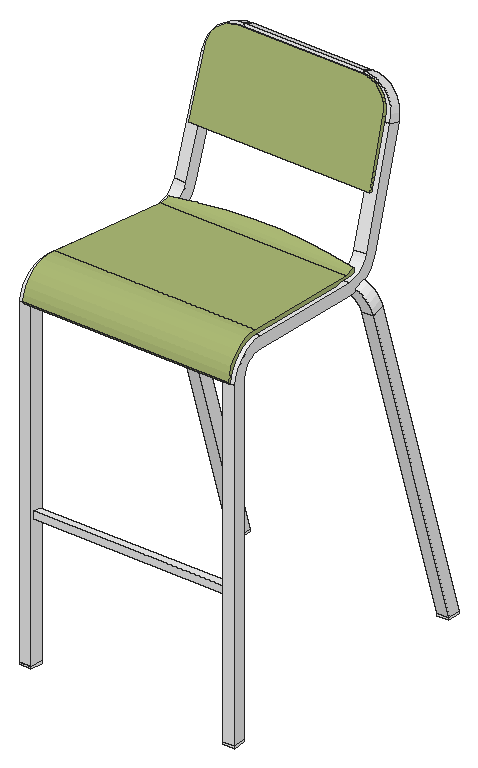
Revit family
Parameters (values of type "1951BAR-30")
  Width = 18 1/2"
  Weight (lbs) = 10
  Warranties = "7 Year Warranty"  # constant formula
  URL = "www.emeco.net"
  Trolly for tow Stacks = "N/A"  # constant formula
  Stackable = "Stacks 6 High"  # constant formula
  Spinneybeck Volo Leather = "N/A"  # constant formula
  Sound Attenuation Pad = ""
  Seat Material = "EMECO-Abs"  # constant formula
  Seat Height = 30"
  Seat & Back Finish Option [instance] = Emeco-Shared-Seat_Back-1951BAR-30 : Green
  Product Name = "1951™ Barstool"  # constant formula
  Outdoor Warranty = "2 Yr Warranty For, White, Gray"  # constant formula
  Model = "1951BAR-30"  # constant formula
  Manufacturer = "Emeco"  # constant formula
  Integrated Felt Glide = "Yes"  # constant formula
  Height = 41 1/4"
  Glides = EMECO-Lexan® Glides
  Frame Material = "EMECO-Recycled Aluminum"  # constant formula
  Frame Finish = EMECO-Hand Brushed
  Fire Retardant Seat Pad = "N/A"  # constant formula
  Fire Retardant = "Gray And Black Certified Acc To Bs And Cal133"  # constant formula
  Depth = 22 1/4"
  Created by = "Contino"  # constant formula
  Collaborator = "Adrian Van Hooydonk And Bmw Designworks"  # constant formula
  Back Material = "EMECO-Abs"  # constant formula
  BIFMA = "Yes"  # constant formula
  Assembly Code = "E2020200"
Reference planes (in)
  plane 1 "Center Front/Back": y = -3.76824
  plane 2: z = 0
  plane 3 "Center Left/Right": x = 0
  plane 4 "Top 1": z = 30
  plane 5 "Left 1": x = -9.25562
  plane 6 "Right 1": x = 9.24438
  plane 7 "Front 1": y = -23.42599
  plane 8 "Top 2": z = 41.25
  plane 9 "Back 1": y = -1.17599
Forms (in)
  Extrusion 1, solid, material "EMECO-Hand Brushed" <- "Frame Finish"
    sketch origin (0, 0.32272, 0) x (0, 1, 0) y (0, 0, -1)
      loop
        line (-8.29194, -26.53849) -> (-0.36119, -0.1875) -> (-1.4055, -0.1875) -> (-9.24951, -26.25029) -> (-8.29194, -26.53849)
    from 8.26205 to 9.25563
  Extrusion 2, solid, material "EMECO-Hand Brushed" <- "Frame Finish"
    sketch origin (0, -0.9469, 0) x (0, 1, 0) y (0, 0, 1)
      loop
        line (-21.53492, 11.81102) -> (-22.12547, 11.81102) -> (-22.12547, 11.22047) -> (-21.53492, 11.22047) -> (-21.53492, 11.81102)
    from -7.96006 to 8.06431
  Extrusion 3, solid, material "EMECO-Hand Brushed" <- "Frame Finish"
    sketch origin (1.41424, -3.05196, 0) x (0.063642, 0.997973, 0) y (0, 0, 1)
      loop
        arc (-7.71666, 27.9919) -> (-5.96486, 28.43669) -> (-4.82148, 29.83644) r 2.88495
        line (-4.82148, 29.83644) -> (-2.11267, 38.49232) -> (-3.06178, 38.78874) -> (-5.7211, 30.29096)
        arc (-5.7211, 30.29096) -> (-6.45964, 29.30809) -> (-7.64704, 28.98946) r 1.88534
        line (-7.64704, 28.98946) -> (-17.85511, 29.70473)
        arc (-17.85511, 29.70473) -> (-19.79957, 29.08031) -> (-20.77639, 27.2868) r 2.74831
        line (-20.77639, 27.2868) -> (-20.77639, 0.1875) -> (-19.77997, 0.1875) -> (-19.77363, 27.32704)
        arc (-19.77363, 27.32704) -> (-19.16422, 28.36007) -> (-18.01816, 28.71371) r 1.66155
        line (-18.01816, 28.71371) -> (-7.71666, 27.9919)
    from -9.12389 to -8.12389
  Extrusion 4, solid, material "EMECO-Hand Brushed" <- "Frame Finish"
    sketch origin (-0.00833, 1.16106, 13.89077) x (1, 0, 0) y (0, -0.288196, 0.957571)
      loop
        arc (6.78346, 16.22956) -> (7.82251, 15.79956) -> (8.25382, 14.76106) r 1.47035
        line (8.25382, 14.76106) -> (9.2527, 14.76106)
        arc (9.2527, 14.76106) -> (8.5264, 16.50437) -> (6.7811, 17.22589) r 2.47161
        line (6.7811, 17.22589) -> (-6.77614, 17.22589)
        arc (-6.77614, 17.22589) -> (-8.52803, 16.49777) -> (-9.24772, 14.7424) r 2.47161
        line (-9.24772, 14.7424) -> (-8.25372, 14.7424)
        arc (-8.25372, 14.7424) -> (-7.82909, 15.79295) -> (-6.78346, 16.22956) r 1.47035
        line (-6.78346, 16.22956) -> (6.78346, 16.22956)
    from 5.09787 to 6.09787
  Extrusion 5, solid, material "EMECO-Hand Brushed" <- "Frame Finish"
    sketch origin (-1.41424, -3.05196, 0) x (-0.063642, 0.997973, 0) y (0, 0, -1)
      loop
        line (-7.71878, -27.96166) -> (-18.02028, -28.68347)
        arc (-18.02028, -28.68347) -> (-19.16106, -28.33398) -> (-19.77351, -27.31005) r 1.66155
        line (-19.77351, -27.31005) -> (-19.77984, -0.1875) -> (-20.77674, -0.1875) -> (-20.77674, -27.27113)
        arc (-20.77674, -27.27113) -> (-19.79604, -29.05475) -> (-17.85723, -29.6745) r 2.74831
        line (-17.85723, -29.6745) -> (-7.64916, -28.95924)
        arc (-7.64916, -28.95924) -> (-6.48502, -29.2624) -> (-5.74118, -30.20782) r 1.88534
        line (-5.74118, -30.20782) -> (-3.05636, -38.78704) -> (-2.10725, -38.49062) -> (-4.83081, -29.78758)
        arc (-4.83081, -29.78758) -> (-5.97541, -28.4011) -> (-7.71878, -27.96166) r 2.88495
    from -9.12936 to -8.13026
  Extrusion 6, solid, material "EMECO-Hand Brushed" <- "Frame Finish"
    sketch origin (-0.00562, 0.32272, 0) x (0, 1, 0) y (0, 0, 1)
      loop
        line (-8.29731, 26.55635) -> (-9.25488, 26.26816) -> (-1.4055, 0.1875) -> (-0.36119, 0.1875) -> (-8.29731, 26.55635)
    from 8.25111 to 9.25
  SweptBlend 7, solid, material "EMECO-Hand Brushed" <- "Frame Finish"
    path origin (0.02455, -15.18102, 4.74525) x (0, -0.298235, -0.954492) y (1, 0, 0)
      loop
        arc (-35.37319, 7.80994) -> (-37.32466, 6.96815) -> (-38.13428, 5.00311) r 2.82
    profile origin (7.83449, -4.6315, 38.50869) x (-0.999782, -0.006227, -0.019931) y (0, -0.954492, 0.298235)
      loop
        line (0.94062, 0.99283) -> (-0.05662, 0.93214) -> (0.00378, -0.06035) -> (1.00102, 0.00035) -> (0.94062, 0.99283)
    end profile origin (5.02766, -3.80805, 41.14413) x (-0.004451, -0.298232, -0.954483) y (0, -0.954492, 0.298235)
      loop
        line (0.05295, 0.00282) -> (1.02884, 0.00243) -> (0.97371, 0.93238) -> (-0.00216, 0.9325) -> (0.05295, 0.00282)
  Extrusion 8, solid, material "EMECO-Hand Brushed" <- "Frame Finish"
    sketch origin (0, 0, 0) x (0, 1, 0) y (0, 0, 1)
      loop
        spline (-4.69748, 41.4243) -> (-4.69855, 41.4208) -> (-4.70411, 41.40295) -> (-4.71412, 41.37087) -> (-4.72852, 41.3247) -> (-4.74724, 41.26471) -> (-4.77019, 41.1912) -> (-4.79724, 41.10456) -> (-4.82825, 41.00526) -> (-4.86305, 40.89381) -> (-4.90147, 40.7708) -> (-4.94329, 40.63689) -> (-4.9883, 40.49277)
        line (-4.9883, 40.49277) -> (-4.1172, 40.16284) -> (-3.82654, 41.09443) -> (-4.69748, 41.4243)
    from -5.02266 to 5.03082
  SweptBlend 9, solid, material "EMECO-Hand Brushed" <- "Frame Finish"
    path origin (0.04645, -15.17689, 4.75848) x (0.001866, -0.298234, -0.954491) y (-0.999998, -0.000556, -0.001781)
      loop
        arc (-35.37319, 7.80994) -> (-37.32466, 6.96815) -> (-38.13428, 5.00311) r 2.82
    profile origin (-7.82947, -4.63173, 38.50795) x (-0.999819, 0.005671, 0.01815) y (0, -0.954492, 0.298235)
      loop
        line (-0.94062, 0.99883) -> (-1.00102, 0.00635) -> (-0.00378, -0.05435) -> (0.05662, 0.93814) -> (-0.94062, 0.99883)
    end profile origin (-5.02779, -3.80672, 41.14838) x (-0.006316, 0.298229, 0.954473) y (0, -0.954492, 0.298235)
      loop
        line (-0.05295, 0.00882) -> (0.00216, 0.9385) -> (-0.97371, 0.93838) -> (-1.02884, 0.00842) -> (-0.05295, 0.00882)
  Extrusion 10, solid, material "EMECO-Lexan® Glides" <- "Glides"
    sketch origin (0, 0, 0) x (1, 0, 0) y (0, 1, 0)
      loop
        line (9.24437, -0.03847) -> (8.24549, -0.03847) -> (8.24549, -1.08278) -> (9.24437, -1.08278) -> (9.24437, -0.03847)
      loop
        line (-9.25562, -0.03847) -> (-9.25562, -1.08278) -> (-8.26205, -1.08278) -> (-8.26205, -0.03847) -> (-9.25562, -0.03847)
      loop
        line (-8.94959, -22.20485) -> (-9.01341, -23.20557) -> (-8.01543, -23.26921) -> (-7.95162, -22.26849) -> (-8.94959, -22.20485)
      loop
        line (8.95505, -22.2045) -> (7.95798, -22.26808) -> (8.0218, -23.2688) -> (9.01887, -23.20522) -> (8.95505, -22.2045)
    from 0 to 0.1875
Cuts and joins
  joined: Extrusion 2, Extrusion 3, Extrusion 4, Extrusion 5
Lines and regions (in)
  Masking region 1
    outline origin (30.00518, -3.76824, 0) x (1, 0, 0) y (0, 0, 1)
      loop
        line (-24.77441, 41.25) -> (-35.09284, 41.25)
        arc (-35.09284, 41.25) -> (-37.0412, 40.50345) -> (-37.88441, 38.59493) r 2.71481
        line (-37.88441, 38.59493) -> (-38.07599, 29.72752)
        spline (-38.07599, 29.72752) -> (-38.10593, 29.72831) -> (-38.13588, 29.72903) -> (-38.16583, 29.72968) -> (-38.19578, 29.73026) -> (-38.22573, 29.73077) -> (-38.25568, 29.73122) -> (-38.28564, 29.73159) -> (-38.31559, 29.7319) -> (-38.34555, 29.73214) -> (-38.37551, 29.73231) -> (-38.40546, 29.73242) -> (-38.43542, 29.73245)
        line (-38.43542, 29.73245) -> (-38.48231, 29.69242) -> (-38.51934, 29.50194) -> (-38.84189, 29.50194) -> (-38.91639, 29.34217)
        arc (-38.91639, 29.34217) -> (-38.99698, 28.34297) -> (-39.02105, 27.34082) r 17.7565
        arc (-39.02105, 27.34082) -> (-39.19997, 26.87237) -> (-39.2608, 26.37461) r 2.06678
        line (-39.2608, 26.37461) -> (-39.2608, 0) -> (-37.96542, 0) -> (-37.96525, 11.22047) -> (-22.05679, 11.22047) -> (-22.05662, 0) -> (-20.7608, 0) -> (-20.7608, 26.37461)
        arc (-20.7608, 26.37461) -> (-20.82175, 26.87281) -> (-21.00099, 27.34163) r 2.06678
        arc (-21.00099, 27.34163) -> (-21.02508, 28.34337) -> (-21.10564, 29.34217) r 17.7565
        line (-21.10564, 29.34217) -> (-21.18015, 29.50194) -> (-21.5027, 29.50194) -> (-21.53972, 29.69242) -> (-21.58662, 29.73245)
        spline (-21.58662, 29.73245) -> (-21.61657, 29.73242) -> (-21.64653, 29.73231) -> (-21.67649, 29.73214) -> (-21.70644, 29.7319) -> (-21.7364, 29.73159) -> (-21.76635, 29.73122) -> (-21.79631, 29.73077) -> (-21.82626, 29.73026) -> (-21.85621, 29.72968) -> (-21.88616, 29.72903) -> (-21.9161, 29.72831) -> (-21.94605, 29.72752)
        line (-21.94605, 29.72752) -> (-22.13762, 38.59493)
        arc (-22.13762, 38.59493) -> (-22.92552, 40.44931) -> (-24.77441, 41.25) r 2.71481
      loop
        spline (-36.33031, 29.56204) -> (-36.15654, 29.53486) -> (-35.98231, 29.51003) -> (-35.80765, 29.48755) -> (-35.63261, 29.46741) -> (-35.45723, 29.44964) -> (-35.28155, 29.43422) -> (-35.10562, 29.42117) -> (-34.92948, 29.41049) -> (-34.75316, 29.40218) -> (-34.57672, 29.39625) -> (-34.40019, 29.39268) -> (-34.22362, 29.39149)
        spline (-34.22362, 29.39149) -> (-34.04708, 29.39268) -> (-33.87058, 29.39624) -> (-33.69417, 29.40218) -> (-33.51789, 29.41049) -> (-33.34178, 29.42116) -> (-33.16588, 29.43421) -> (-32.99023, 29.44962) -> (-32.81489, 29.46738) -> (-32.63988, 29.48751) -> (-32.46525, 29.50999) -> (-32.29105, 29.53481) -> (-32.11732, 29.56197)
        spline (-32.11732, 29.56197) -> (-31.94358, 29.58913) -> (-31.76938, 29.61396) -> (-31.59476, 29.63643) -> (-31.41975, 29.65656) -> (-31.2444, 29.67433) -> (-31.06876, 29.68974) -> (-30.89286, 29.70278) -> (-30.71675, 29.71346) -> (-30.54046, 29.72177) -> (-30.36405, 29.7277) -> (-30.18756, 29.73126) -> (-30.01102, 29.73245)
        spline (-30.01102, 29.73245) -> (-29.83448, 29.73126) -> (-29.65798, 29.7277) -> (-29.48157, 29.72177) -> (-29.30529, 29.71346) -> (-29.12918, 29.70278) -> (-28.95328, 29.68974) -> (-28.77764, 29.67433) -> (-28.60229, 29.65656) -> (-28.42728, 29.63643) -> (-28.25266, 29.61396) -> (-28.07845, 29.58913) -> (-27.90472, 29.56197)
        spline (-27.90472, 29.56197) -> (-27.73098, 29.53481) -> (-27.55678, 29.50999) -> (-27.38216, 29.48751) -> (-27.20715, 29.46738) -> (-27.0318, 29.44962) -> (-26.85616, 29.43421) -> (-26.68026, 29.42116) -> (-26.50415, 29.41049) -> (-26.32786, 29.40218) -> (-26.15145, 29.39624) -> (-25.97496, 29.39268) -> (-25.79842, 29.39149)
        spline (-25.79842, 29.39149) -> (-25.62185, 29.39268) -> (-25.44532, 29.39625) -> (-25.26888, 29.40218) -> (-25.09256, 29.41049) -> (-24.91642, 29.42117) -> (-24.74048, 29.43422) -> (-24.56481, 29.44964) -> (-24.38943, 29.46741) -> (-24.21439, 29.48755) -> (-24.03973, 29.51003) -> (-23.8655, 29.53486) -> (-23.69173, 29.56204)
        spline (-23.69173, 29.56204) -> (-23.63515, 29.57115) -> (-23.57851, 29.58001) -> (-23.52182, 29.58863) -> (-23.46508, 29.597) -> (-23.40829, 29.60512) -> (-23.35146, 29.61299) -> (-23.29458, 29.62061) -> (-23.23766, 29.62798) -> (-23.18069, 29.6351) -> (-23.12369, 29.64197) -> (-23.06664, 29.64859) -> (-23.00956, 29.65496)
        line (-23.00956, 29.65496) -> (-23.10021, 33.85113) -> (-36.92182, 33.85113) -> (-37.01248, 29.65496)
        spline (-37.01248, 29.65496) -> (-36.9554, 29.64859) -> (-36.89835, 29.64197) -> (-36.84134, 29.6351) -> (-36.78438, 29.62798) -> (-36.72746, 29.62061) -> (-36.67058, 29.61299) -> (-36.61374, 29.60512) -> (-36.55696, 29.597) -> (-36.50022, 29.58863) -> (-36.44353, 29.58001) -> (-36.38689, 29.57115) -> (-36.33031, 29.56204)
      loop
        line (-37.96502, 26.90502) -> (-37.96524, 11.81102) -> (-22.0568, 11.81102) -> (-22.05702, 26.90502) -> (-37.96502, 26.90502)
  Masking region 2
    outline origin (-0.5, -15.5648, 0) x (1, 0, 0) y (0, 1, 0)
      loop
        line (-8.75562, 15.58276) -> (-8.75562, 6.64174)
        arc (-8.75562, 6.64174) -> (-8.53076, 6.37479) -> (-8.22807, 6.20102) r 1.00346
        line (-8.22807, 6.20102) -> (-7.65088, 6.04636) -> (-8.5224, -7.64081) -> (-8.12687, -7.666) -> (-8.12687, -7.86119) -> (9.1152, -7.86119) -> (9.1152, -7.666) -> (9.51073, -7.64081) -> (8.6392, 6.04636) -> (9.21639, 6.20102)
        arc (9.21639, 6.20102) -> (9.51941, 6.37507) -> (9.74438, 6.64248) r 1.00346
        line (9.74438, 6.64248) -> (9.74438, 15.58276) -> (8.74613, 15.58276) -> (8.74613, 7.60309) -> (8.55342, 7.39643) -> (8.29757, 11.02542)
        arc (8.29757, 11.02542) -> (8.22223, 11.17963) -> (8.09673, 11.29669) r 0.47193
        arc (8.09673, 11.29669) -> (7.81205, 11.44976) -> (7.50782, 11.5589) r 2.17226
        arc (7.50782, 11.5589) -> (6.7155, 11.72673) -> (5.90862, 11.79656) r 6.62034
        line (5.90862, 11.79656) -> (-4.58766, 11.79656)
        arc (-4.58766, 11.79656) -> (-5.56236, 11.74911) -> (-6.51949, 11.5589) r 6.62034
        arc (-6.51949, 11.5589) -> (-6.82373, 11.44976) -> (-7.10841, 11.29669) r 2.17226
        arc (-7.10841, 11.29669) -> (-7.23391, 11.17963) -> (-7.30924, 11.02542) r 0.47193
        line (-7.30924, 11.02542) -> (-7.56509, 7.39643) -> (-7.75781, 7.60309) -> (-7.75781, 15.58276) -> (-8.75562, 15.58276)
      loop
        line (-6.57668, 7.17988) -> (7.57668, 7.17988) -> (7.50238, 8.34683) -> (-6.50238, 8.34683) -> (-6.57668, 7.17988)
  Masking region 3
    outline origin (-0.07787, -12.34996, 0) x (0, 1, 0) y (0, 0, 1)
      loop
        line (-10.85571, 0) -> (-9.86048, 0) -> (-9.85413, 27.2148)
        arc (-9.85413, 27.2148) -> (-9.24983, 28.31418) -> (-8.07981, 28.76679) r 1.83157
        line (-8.07981, 28.76679) -> (2.2217, 28.04498)
        arc (2.2217, 28.04498) -> (2.54891, 28.04062) -> (2.87451, 28.07328) r 2.89046
        line (2.87451, 28.07328) -> (11.32361, 0) -> (12.36792, 0) -> (3.82106, 28.39811)
        arc (3.82106, 28.39811) -> (4.627, 29.05744) -> (5.147, 29.95958) r 2.89046
        line (5.147, 29.95958) -> (8.55515, 41.08146) -> (7.6354, 41.42852) -> (7.53694, 41.18481) -> (7.35002, 41.24322) -> (5.1191, 34.10332) -> (5.29268, 34.04909) -> (4.18678, 30.44019) -> (3.83826, 29.83922) -> (3.75043, 29.92704)
        arc (3.75043, 29.92704) -> (3.09951, 29.47807) -> (2.33445, 29.27819) r 2.28207
        line (2.33445, 29.27819) -> (-7.98795, 30)
        arc (-7.98795, 30) -> (-10.05545, 29.32823) -> (-11.07603, 27.40879) r 2.90158
        line (-11.07603, 27.40879) -> (-10.85571, 27.18846) -> (-10.85571, 0)
  symbolic lines
    curve 1: line (-7.65333, -3.76824, 33.85113) -> (-7.57071, -3.76824, 38.83505)
    curve 2: line (-5.20093, -3.76824, 41.06148) -> (5.20093, -3.76824, 41.06148)
    curve 3: spline (-7.0073, -3.76824, 29.65496) -> (-7.09558, -3.76824, 29.66431) -> (-7.18393, -3.76824, 29.67306) -> (-7.27237, -3.76824, 29.68121) -> (-7.36087, -3.76824, 29.68876) -> (-7.44944, -3.76824, 29.69571) -> (-7.53807, -3.76824, 29.70206) -> (-7.62676, -3.76824, 29.70781) -> (-7.71549, -3.76824, 29.71295) -> (-7.80427, -3.76824, 29.7175) -> (-7.89308, -3.76824, 29.72144) -> (-7.98193, -3.76824, 29.72478) -> (-8.07081, -3.76824, 29.72752)
    curve 4: line (-6.18667, -3.76824, 33.85113) -> (-6.22276, -3.76824, 35.82234)
    curve 5: arc (-6.22276, -3.76824, 35.82234) -> (-5.92595, -3.76824, 37.18202) -> (-5.04938, -3.76824, 38.26296) r 3.01081
    curve 6: line (6.04681, -3.76824, 33.85113) -> (6.04681, -3.76824, 35.82234)
    curve 7: arc (6.04681, -3.76824, 35.82234) -> (5.75, -3.76824, 37.18202) -> (4.87343, -3.76824, 38.26296) r 3.01081
    curve 8: arc (-5.04938, -3.76824, 38.26296) -> (-0.08797, -3.76824, 39.9751) -> (4.87343, -3.76824, 38.26296) r 8.04463
    curve 9: line (-6.91665, -3.76824, 33.85113) -> (-7.65333, -3.76824, 33.85113)
    curve 10: line (-7.95984, -3.76824, 26.90502) -> (-8.62171, -3.76824, 26.90502)
    curve 11: line (-7.96006, -3.76824, 11.81102) -> (-7.96007, -3.76824, 11.22047)
    curve 12: arc (-8.62171, -3.76824, 26.90502) -> (-8.60035, -3.76824, 28.20482) -> (-8.51416, -3.76824, 29.50194) r 26.04693
    curve 13: arc (-7.57071, -3.76824, 38.83505) -> (-6.80916, -3.76824, 40.39885) -> (-5.20093, -3.76824, 41.06148) r 2.44675
    curve 14: line (7.65333, -3.76824, 33.85113) -> (7.57071, -3.76824, 38.83505)
    curve 15: line (6.91665, -3.76824, 33.85113) -> (7.65333, -3.76824, 33.85113)
    curve 16: line (7.94816, -3.76824, 26.90502) -> (8.62171, -3.76824, 26.90502)
    curve 17: line (7.94838, -3.76824, 11.81102) -> (7.94839, -3.76824, 11.22047)
    curve 18: arc (8.62171, -3.76824, 26.90502) -> (8.60035, -3.76824, 28.20482) -> (8.51416, -3.76824, 29.50194) r 26.04693
    curve 19: arc (7.57071, -3.76824, 38.83505) -> (6.80916, -3.76824, 40.39885) -> (5.20093, -3.76824, 41.06148) r 2.44675
    curve 20: line (5.08766, -4.70294, 0) -> (-5.08766, -4.70294, 0)
    curve 21: line (-5.20093, -4.98706, 0) -> (5.39594, -4.98706, 0)
    curve 22: line (-7.00238, -7.21797, 0) -> (-7.65216, -7.21797, 0)
    curve 23: line (-7.65216, -7.21797, 0) -> (-7.57071, -5.68272, 0)
    curve 24: line (-8.62687, -23.2308, 0) -> (-7.70751, -8.85717, 0)
    curve 25: arc (-7.70751, -8.85717, 0) -> (-4.90499, -8.55534, 0) -> (-2.09122, -8.38808, 0) r 58.83538
    curve 26: arc (-7.87924, -5.53215, 0) -> (-7.80195, -5.35719, 0) -> (-7.66868, -5.21999, 0) r 0.5418
    curve 27: arc (-7.66868, -5.21999, 0) -> (-7.38265, -5.05596, 0) -> (-7.06936, -4.95315, 0) r 1.62214
    curve 28: arc (-7.06936, -4.95315, 0) -> (-6.08638, -4.76574, 0) -> (-5.08766, -4.70294, 0) r 7.97261
    curve 29: arc (-9.25781, -7.96171, 0) -> (-9.02869, -8.23819, 0) -> (-8.71228, -8.40797, 0) r 0.93528
    curve 30: line (-8.71228, -8.40797, 0) -> (-8.09018, -8.56308, 0)
    curve 31: line (-6.18796, -7.21797, 0) -> (-6.21897, -6.62619, 0)
    curve 32: arc (-6.21897, -6.62619, 0) -> (-6.20857, -6.52717, 0) -> (-6.16807, -6.43621, 0) r 0.31824
    curve 33: arc (-6.16807, -6.43621, 0) -> (-6.03219, -6.2799, 0) -> (-5.8585, -6.1671, 0) r 0.74407
    curve 34: arc (-5.8585, -6.1671, 0) -> (-5.46647, -5.98371, 0) -> (-5.05088, -5.86287, 0) r 2.80246
    curve 35: line (6.01222, -7.21797, 0) -> (6.04323, -6.62619, 0)
    curve 36: arc (6.04323, -6.62619, 0) -> (6.03282, -6.52717, 0) -> (5.99233, -6.43621, 0) r 0.31824
    curve 37: arc (5.99233, -6.43621, 0) -> (5.85645, -6.2799, 0) -> (5.68275, -6.1671, 0) r 0.74407
    curve 38: arc (5.68275, -6.1671, 0) -> (5.29073, -5.98371, 0) -> (4.87514, -5.86287, 0) r 2.80246
    curve 39: arc (-5.05088, -5.86287, 0) -> (-0.08787, -5.32709, 0) -> (4.87514, -5.86287, 0) r 23.25455
    curve 40: line (-8.06509, -8.16837, 0) -> (-8.15088, -9.51844, 0)
    curve 41: arc (-7.57071, -5.68272, 0) -> (-7.26058, -5.35486, 0) -> (-6.84041, -5.19013, 0) r 1.03507
    curve 42: arc (-6.84041, -5.19013, 0) -> (-6.02777, -5.03126, 0) -> (-5.20093, -4.98706, 0) r 5.9333
    curve 43: line (7.00238, -7.21797, 0) -> (7.65216, -7.21797, 0)
    curve 44: line (7.65216, -7.21797, 0) -> (7.57071, -5.68272, 0)
    curve 45: arc (7.86391, -5.48048, 0) -> (7.78633, -5.33522, 0) -> (7.66868, -5.21999, 0) r 0.5418
    curve 46: arc (7.66868, -5.21999, 0) -> (7.38265, -5.05596, 0) -> (7.06936, -4.95315, 0) r 1.62214
    curve 47: arc (7.06936, -4.95315, 0) -> (6.08638, -4.76574, 0) -> (5.08766, -4.70294, 0) r 7.97261
    curve 48: arc (7.57071, -5.68272, 0) -> (7.26058, -5.35486, 0) -> (6.84041, -5.19013, 0) r 1.03507
    curve 49: arc (6.84041, -5.19013, 0) -> (6.12444, -5.04404, 0) -> (5.39594, -4.98706, 0) r 5.9333
    curve 50: line (8.6152, -23.2308, 0) -> (7.70751, -8.85717, 0)
    curve 51: arc (7.70751, -8.85717, 0) -> (4.90499, -8.55534, 0) -> (2.09122, -8.38808, 0) r 58.83538
    curve 52: arc (9.24438, -7.98553, 0) -> (9.01804, -8.24677, 0) -> (8.71228, -8.40797, 0) r 0.93528
    curve 53: line (8.71228, -8.40797, 0) -> (8.07868, -8.56594, 0)
    curve 54: line (8.05342, -8.16837, 0) -> (8.1392, -9.51844, 0)
    curve 55: line (0, -7.05728, 34.04909) -> (0, -4.81302, 41.18481)
    curve 56: line (0, -10.10488, 29.04254) -> (0, -20.40638, 29.76435)
    curve 57: line (0, -8.71621, 29.01681) -> (0, -9.67342, 28.72695)
    curve 58: line (0, -8.52887, 28.39816) -> (0, -8.71621, 29.01681)
    curve 59: line (0, -9.47547, 28.07327) -> (0, -9.67342, 28.72695)
    curve 60: arc (0, -10.10488, 29.04254) -> (0, -9.22737, 29.27906) -> (0, -8.5117, 29.83922) r 2.28253
    curve 61: arc (0, -23.20567, 27.18846) -> (0, -22.32186, 29.03698) -> (0, -20.40638, 29.76435) r 2.75542
    curve 62: line (-9.25563, -3.76824, 0.1875) -> (-7.96024, -3.76824, 0.1875)
    curve 63: line (9.24437, -3.76824, 0.1875) -> (7.94856, -3.76824, 0.1875)
    curve 64: line (0, -0.03847, 0.1875) -> (0, -1.08278, 0.1875)
    curve 65: line (0, -22.2107, 0.1875) -> (0, -23.20557, 0.1875)
    curve 66: spline (6.99565, -3.76824, 29.65499) -> (7.08392, -3.76824, 29.66442) -> (7.17227, -3.76824, 29.67325) -> (7.2607, -3.76824, 29.68148) -> (7.3492, -3.76824, 29.68911) -> (7.43777, -3.76824, 29.69614) -> (7.5264, -3.76824, 29.70257) -> (7.61508, -3.76824, 29.7084) -> (7.70381, -3.76824, 29.71362) -> (7.79259, -3.76824, 29.71825) -> (7.88141, -3.76824, 29.72227) -> (7.97026, -3.76824, 29.72569) -> (8.05914, -3.76824, 29.72851)
Dimensions and locks (in)
  plane 4 "Top 1" to level = 30"
  level to plane 4 "Top 1" = 30"
  plane 5 "Left 1" to plane 6 "Right 1" = 18 1/2"
  plane 9 "Back 1" to plane 7 "Front 1" = 22 1/4"
  plane 8 "Top 2" to level = 41 1/4"  (x2)
  plane 7 "Front 1" to plane 1 "Center Front/Back" = 19.65775"
  plane 6 "Right 1" to plane 5 "Left 1" = 18 1/2"
Nested families (in)
  nested 1: "Emeco-Shared-Seat_Back-1951BAR-30" at (0, -4.7536, 29.99291), type <- "Seat & Back Finish Option", type "Green"
Definition of nested family "Emeco-Shared-Seat_Back-1951BAR-30"
  Parameters (values of type "Green")
    Seat & Back = EMECO-Green
    Assembly Code = ""
  Types (10): name | Seat & Back
    Yellow | EMECO-Yellow
    Black | EMECO-Black
    Green | EMECO-Green
    Red | EMECO-Red
    Navy Blue | EMECO-Navy Blue
    Gray | EMECO-Gray
    White | EMECO-White
    Cherry Natural | EMECO-Cherry Natural
    Mahogany Natural | EMECO-Mahogany Natural
    Maple Natural | EMECO-Maple Natural
  Reference planes (in)
    plane 1 "Center (Front/Back)": y = 0
    plane 2: z = 0
    plane 3 "Center (Left/Right)": x = 0
  Forms (in)
    Extrusion 1, solid, material "EMECO-Green" <- "Seat & Back"
      sketch origin (0, 1.2781, -18.10291) x (0, 1, 0) y (0, 0, 1)
        loop
          line (-4.8649, 17.79116) -> (-5.10131, 18.02757)
          arc (-5.10131, 18.02757) -> (-5.72787, 17.55756) -> (-6.49066, 17.3797) r 1.90309
          line (-6.49066, 17.3797) -> (-16.83661, 18.10316)
          arc (-16.83661, 18.10316) -> (-18.90413, 17.43138) -> (-19.92473, 15.51192) r 2.90161
          line (-19.92473, 15.51192) -> (-19.68344, 15.27064)
          arc (-19.68344, 15.27064) -> (-18.77441, 16.82664) -> (-17.10054, 17.4942) r 2.77015
          arc (-17.10054, 17.4942) -> (-14.85911, 17.43121) -> (-12.6533, 17.02831) r 14.7114
          arc (-12.6533, 17.02831) -> (-10.25988, 16.65) -> (-7.87162, 17.05956) r 7.45241
          arc (-7.87162, 17.05956) -> (-7.50641, 17.15091) -> (-7.13085, 17.17688) r 2.1411
          line (-7.13085, 17.17688) -> (-6.32, 17.12018)
          arc (-6.32, 17.12018) -> (-5.52055, 17.29975) -> (-4.8649, 17.79116) r 1.95499
      from -9.50936 to 9.94066
    Extrusion 2, void
      sketch origin (0, 1.2781, -18.10291) x (1, 0, 0) y (0, 1, 0)
        loop
          line (-8.62103, -19.92473) -> (-7.72906, -5.6852)
          arc (-7.72906, -5.6852) -> (0.00009, -5.16989) -> (7.72915, -5.68664) r 58.14105
          line (7.72915, -5.68664) -> (8.62103, -19.92473) -> (8.62103, -20.67473) -> (12.87103, -20.67473) -> (12.87103, -3.67473) -> (0, -3.67473) -> (-12.87103, -3.67473) -> (-12.87103, -20.67473) -> (-8.62103, -20.67473) -> (-8.62103, -19.92473)
      from 14.54329 to 19.13641
    Extrusion 3, solid, material "EMECO-Green" <- "Seat & Back"
      sketch origin (0, -6.03113, -18.73449) x (1, 0, 0) y (0, 0.298235, 0.954492)
        loop
          line (-7.6476, 22.95125) -> (7.48748, 22.95125) -> (7.4006, 28.19174)
          arc (7.4006, 28.19174) -> (6.68637, 29.80592) -> (5.03082, 30.41817) r 2.26637
          line (5.03082, 30.41817) -> (-5.33844, 30.41817)
          arc (-5.33844, 30.41817) -> (-6.94906, 29.72891) -> (-7.56245, 28.0879) r 2.22643
          line (-7.56245, 28.0879) -> (-7.6476, 22.95125)
      from 3.1856 to 3.42183
  Cuts and joins
    Extrusion 2 cuts Extrusion 1
